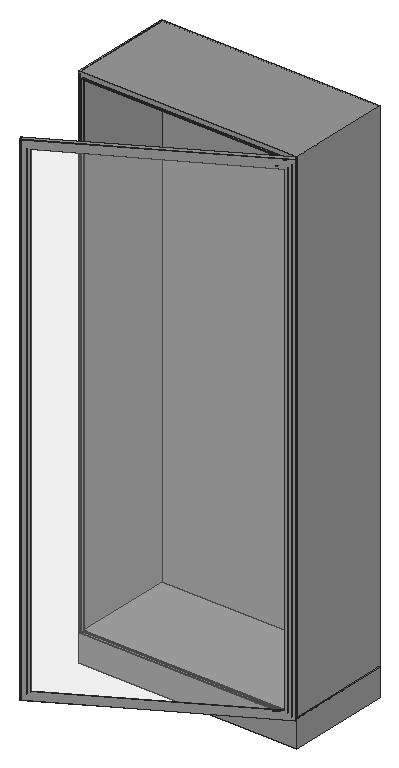
Revit family "Hager-Univers-IP55-D400-H1950-Cl.I-Steel_encl-NoHosted-CH-it", category Electrical Equipment, Revit 2020
Family settings
  Panel Configuration = Two Columns, Circuits Across
  Round Connector Dimension = Use Diameter
  Part Type = Panelboard
  Work Plane-Based = Yes
  Always vertical = Yes
  Cut with Voids When Loaded = No
  Shared = No
  Room Calculation Point = No
Parameters (values of type "montaggio a pavimento IP55 L800 A1950 P400  - FR23V1")
  Width Control [instance] = if([EF000008 - Larghezza] > Min Width, [EF000008 - Larghezza], Min Width)  # 800 mm
  Type Comments = [HG000003 - Gamma]  # "Univers"
  Thickness Door [instance] = if([EF009171 - spessore materiale porta/coperchio] > 3 mm, 3 mm, [EF009171 - spessore materiale porta/coperchio])  # 1.5 mm
  Seal Frame Offset [instance] = 17 mm  # constant formula
  Plinth Visibility [instance] = [HG000027 - Altezza dello zoccolo] > 0 mm  # yes
  Min Width [instance] = 100 mm  # constant formula
  Min Depth [instance] = (2 * [EF009170 - spessore materiale scatola]) + 1 mm  # 4 mm
  Min Height [instance] = 100 mm  # constant formula
  Internal Frame Depth [instance] = (Door System Depth * 0.5)  # 9 mm
  Panel Name [instance] = ""  # (empty or 0)
  Model = ""
  HG000027 - Altezza dello zoccolo = 100 mm
  HG000026 - A pavimento = yes
  HG000024 - Altezza della sezione inferiore = 600 mm
  HG000023 - Custodia a doppia sezione = no
  HG000016 - Visibilità delle porte nella vista 3D [instance] = yes
  HG000015 - Visibilità attraverso la porta [instance] = no
  HG000014 - Porta destra [instance] = yes
  HG000013 - Porta sinistra [instance] = not([HG000014 - Porta destra])  # no
  HG000012 - Angolo di apertura della porta [instance] = 30.00°
  HG000010 - Porte asimmetriche = no
  HG000009 - Porta doppia a battente = no
  HG000006 - Ad incasso = no
  HG000004 - Codice produttore = "FR23V1"
  HG000003 - Gamma = "Univers"
  HG000002 - Con porta = yes
  Frame Offset Bottom [instance] = 10 mm  # constant formula
  Frame Offset [instance] = 15 mm  # constant formula
  EF015940 - Coprire con rilascio di sovrapressione = no
  EF011959 - tipo di protezione (NEMA) = ""
  EF009554 - numero delle aperture per la piastra della flangia = 6
  EF009212 - esecuzione coperchio = "EV000116 - chiuso"
  EF009171 - spessore materiale porta/coperchio = 1.5 mm
  EF009170 - spessore materiale scatola = 1.5 mm
  EF008873 - corrente nominale (In) = 800 A
  EF007800 - adatto per parafulmine = no
  EF006306 - con serratura = no
  EF006244 - coperchio/porta trasparente = yes
  EF005474 - grado di protezione (IP) = "EV006420 - IP55"
  EF004464 - tipo di porta = "EV002646 - singolo"
  EF004427 - numero di moduli = 432
  EF004293 - resistenza agli urti = "EV008784 - IK10"
  EF003532 - adatto per uso esterno = no
  EF002950 - Numero moduli DIN = 24
  EF001613 - Integrità del circuito = "EV000494 - senza"
  EF001596 - Attacco Lampada = "EV000179 - acciaio"
  EF001131 - profondità interna = 400 mm
  EF001088 - possibilità di applicazione = yes
  EF000437 - numero di ingressi per conduttori = 6
  EF000339 - tipo di copertura = "EV004216 - porta"
  EF000266 - numero di file = 12
  EF000218 - profondità di incasso = 0 mm
  EF000118 - con piastra di montaggio = no
  EF000116 - numero RAL = "7035"
  EF000049 - profondità = 400 mm
  EF000040 - Altezza = 1950 mm
  EF000008 - Larghezza = 800 mm
  EF000007 - colore = "EV000270 - grigio"
  EF000003 - Tipo di montaggio = "EV012274 - montaggio a pavimento"
  Door System Leaf Tolerance [instance] = 1.5 mm  # constant formula
  Door System Depth [instance] = 18 mm  # constant formula
  Door Height [instance] = Height Control - [HG000027 - Altezza dello zoccolo]  # 1850 mm
  Description = ""
  Default Elevation = 1219.2 mm
  Connector Offset [instance] = Height Control / 2  # 975 mm
  Manufacturer = "Hager"  # constant formula
  Height Control [instance] = if([EF000040 - Altezza] > Min Height, [EF000040 - Altezza], Min Height)  # 1950 mm
  Depth Control [instance] = if([EF000049 - profondità] > Min Depth, [EF000049 - profondità], Min Depth)  # 400 mm
  Bottom Top Plate Trim [instance] = 1.5 mm  # constant formula
  Plinth height Ctrl [instance] = if([HG000027 - Altezza dello zoccolo] > 0 mm, [HG000027 - Altezza dello zoccolo], 12 mm)  # 100 mm
Types (11, lengths in mm): name | Width Control | HG000010 - Porte asimmetriche | HG000009 - Porta doppia a battente | HG000004 - Codice produttore | EF009554 - numero delle aperture per la piastra della flangia | EF006244 - coperchio/porta trasparente | EF004464 - tipo di porta | EF004427 - numero di moduli | EF000437 - numero di ingressi per conduttori | EF000008 - Larghezza
  montaggio a pavimento IP55 L1050 A1950 P400  - FR24G1 | 1050 | yes | yes | "FR24G1" | 8 | no | "EV003602 - doppio" | 576 | 8 | 1050
  montaggio a pavimento IP55 L1050 A1950 P400  - FR24V1 | 1050 | yes | yes | "FR24V1" | 8 | yes | "EV003602 - doppio" | 576 | 8 | 1050
  montaggio a pavimento IP55 L1300 A1950 P400  - FR25G1 | 1300 | yes | yes | "FR25G1" | 10 | no | "EV003602 - doppio" | 720 | 10 | 1300
  montaggio a pavimento IP55 L1300 A1950 P400  - FR25V1 | 1300 | yes | yes | "FR25V1" | 10 | yes | "EV003602 - doppio" | 720 | 10 | 1300
  montaggio a pavimento IP55 L1550 A1950 P400  - FR26G1 | 1550 | yes | yes | "FR26G1" | 12 | no | "EV003602 - doppio" | 864 | 12 | 1550
  montaggio a pavimento IP55 L1550 A1950 P400  - FR26V1 | 1550 | yes | yes | "FR26V1" | 12 | yes | "EV003602 - doppio" | 864 | 12 | 1550
  montaggio a pavimento IP55 L300 A1950 P400  - FR21G1 | 300 | no | no | "FR21G1" | 2 | no | "EV002646 - singolo" | 144 | 2 | 300
  montaggio a pavimento IP55 L550 A1950 P400  - FR22G1 | 550 | no | no | "FR22G1" | 4 | no | "EV002646 - singolo" | 288 | 4 | 550
  montaggio a pavimento IP55 L550 A1950 P400  - FR22V1 | 550 | no | no | "FR22V1" | 4 | yes | "EV002646 - singolo" | 288 | 4 | 550
  montaggio a pavimento IP55 L800 A1950 P400  - FR23G1 | 800 | no | no | "FR23G1" | 6 | no | "EV002646 - singolo" | 432 | 6 | 800
  montaggio a pavimento IP55 L800 A1950 P400  - FR23V1 | 800 | no | no | "FR23V1" | 6 | yes | "EV002646 - singolo" | 432 | 6 | 800
Reference planes
  plane 1 "Center (Front/Back)": y = 0
  plane 2: z = 0
  plane 3 "Center (Left/Right)": x = 0
  plane 4: y = 0
  plane 5: y = 0
  plane 6: z = 0
  plane 7: x = -400
  plane 8: x = 400
  plane 9: x = 398.5
  plane 10: x = -398.5
  plane 11: z = 100
  plane 12: z = 101.5
  plane 13: y = -400
  plane 14: y = -1.5
  plane 15: x = 0
  plane 16: y = -382
  plane 17: y = -398.5
  plane 18: y = -380.5
  plane 19: x = -383.5
  plane 20: x = 383.5
  plane 21: z = 111.5
  plane 22: x = -383
  plane 23: x = 383
  plane 24: z = 100
  plane 25: z = 1950
  plane 26: z = 1950
  plane 27: z = 1933.5
  plane 28: z = 1948.5
Forms (mm)
  Extrusion 1, solid, material "Hager_Steel_RAL7035_Light_Grey", detail levels medium+fine
    sketch origin (-208.679, -4572, 100) x (-1, 0, 0) y (0, -1, 0)
      loop
        line (191.321, -4190) -> (-608.679, -4190) -> (-608.679, -4572) -> (191.321, -4572) -> (191.321, -4190)
    from 0 to 1850
  Extrusion 2, void
    sketch origin (-350.771, -400, 1219.2) x (1, 0, 0) y (0, 0, 1)
      loop
        line (-47.729, 729.3) -> (-47.729, -1117.7) -> (749.271, -1117.7) -> (749.271, 729.3) -> (-47.729, 729.3)
    from -19.5 to -398.5
  Extrusion 3, void
    sketch origin (-290.084, -382, 1219.2) x (1, 0, 0) y (0, 0, 1)
      loop
        line (-93.416, -1107.7) -> (673.584, -1107.7) -> (673.584, 714.3) -> (-93.416, 714.3) -> (-93.416, -1107.7)
    from 0 to -1.5
  Extrusion 4, solid, material "Hager_Steel_RAL7035_Light_Grey", visible <- "Plinth Visibility", detail levels medium+fine
    sketch origin (0, 0, 0) x (1, 0, 0) y (0, 1, 0)
      loop
        line (-400, 0) -> (-400, -382) -> (400, -382) -> (400, 0) -> (-400, 0)
    from 0 to 100 <- "Plinth height Ctrl"
  Extrusion 5, solid, material "Hager_Steel_RAL7035_Light_Grey", detail levels coarse
    sketch origin (0, 0, 0) x (1, 0, 0) y (0, 1, 0)
      loop
        line (-400, 0) -> (-400, -400) -> (400, -400) -> (400, 0) -> (-400, 0)
    from 0 to 1950 <- "Height Control"
  Sweep 6, void
    path in 3D
      loop
        line (-400, -382, 100) -> (400, -382, 100) -> (400, 0, 100) -> (-400, 0, 100) -> (-400, -382, 100)
    profile origin (-400, -191, 100) x (1, 0, 0) y (0, 0, 1)
      loop
        line (0, 0) -> (0, -1.5) -> (1.5, -1.5)
        arc (1.5, -1.5) -> (1.061, -0.439) -> (0, 0) r 1.5
  Extrusion 7, solid, material "Hager_Steel_RAL7035_Light_Grey", detail levels fine
    sketch origin (-400, -382, 100) x (1, 0, 0) y (0, 0, 1)
      loop
        line (16.5, 11.5) -> (783.5, 11.5) -> (783.5, 1833.5) -> (16.5, 1833.5) -> (16.5, 11.5)
      loop
        line (15, 10) -> (785, 10) -> (785, 1835) -> (15, 1835) -> (15, 10)
    from 0 to 9 <- "Internal Frame Depth"
Cuts and joins
  Extrusion 2, Extrusion 3 cuts Extrusion 1
  Sweep 6 cuts Extrusion 4
Lines and regions (mm)
  Masking region 1
    outline origin (0, 0, 0) x (1, 0, 0) y (0, 1, 0)
      loop
        line (-400, 0) -> (-400, -400) -> (400, -400) -> (400, 0) -> (-400, 0)
  Masking region 2, detail levels coarse
    outline origin (-290.084, -382, 1219.2) x (-1, 0, 0) y (0, 0, 1)
      loop
        line (-690.084, -1219.2) -> (109.916, -1219.2) -> (109.916, 730.8) -> (-690.084, 730.8) -> (-690.084, -1219.2)
  Masking region 3, detail levels coarse
    outline origin (0, 0, 0) x (0, 1, 0) y (0, 0, 1)
      loop
        line (0, 0) -> (0, 1950) -> (-400, 1950) -> (-400, 0) -> (0, 0)
  Masking region 4, visible <- "Plinth Visibility", detail levels medium+fine
    outline origin (0, 0, 0) x (0, 1, 0) y (0, 0, 1)
      loop
        line (-1.5, 100) -> (-380.5, 100)
        arc (-380.5, 100) -> (-380.939, 98.939) -> (-382, 98.5) r 1.5
        line (-382, 98.5) -> (-382, 0) -> (0, 0) -> (0, 98.5)
        arc (0, 98.5) -> (-1.061, 98.939) -> (-1.5, 100) r 1.5
  Masking region 5, detail levels medium+fine
    outline origin (0, 0, 594.038) x (0, 1, 0) y (0, 0, 1)
      loop
        line (0, -494.038) -> (0, 1355.962) -> (-382, 1355.962) -> (-382, -494.038) -> (0, -494.038)
  Masking region 6, detail levels medium+fine
    outline origin (-359.7, -382, 1211.883) x (-1, 0, 0) y (0, 0, 1)
      loop
        line (-759.7, -1111.883) -> (40.3, -1111.883) -> (40.3, 738.117) -> (-759.7, 738.117) -> (-759.7, -1111.883)
  Masking region 7, visible <- "Plinth Visibility", detail levels medium+fine
    outline origin (-320.334, -382, 1041.368) x (-1, 0, 0) y (0, 0, 1)
      loop
        line (-720.334, -1041.368) -> (79.666, -1041.368) -> (79.666, -942.868)
        arc (79.666, -942.868) -> (78.606, -942.429) -> (78.166, -941.368) r 1.5
        line (78.166, -941.368) -> (-718.834, -941.368)
        arc (-718.834, -941.368) -> (-719.273, -942.429) -> (-720.334, -942.868) r 1.5
        line (-720.334, -942.868) -> (-720.334, -1041.368)
  sketch lines
    curve 1: line (-400, 0, 100) -> (-400, -382, 100)
    curve 2: line (-400, -382, 100) -> (400, -382, 100)
    curve 3: line (400, 0, 100) -> (-400, 0, 100)
    curve 4: line (400, -382, 100) -> (400, 0, 100)
Dimensions and locks
  locked: plane 1 "Center (Front/Back)" to plane 5
  "EF009170 - spessore materiale scatola": plane 7 to plane 10
  "EF009170 - spessore materiale scatola": plane 8 to plane 9
  equal spacing: plane 7, plane 3 "Center (Left/Right)", plane 8
  "Width Control": plane 7 to plane 8
  "Depth Control": plane 4 to plane 13
  "EF009170 - spessore materiale scatola": plane 4 to plane 14
  "Height Control": plane 25 to level
  "HG000027 - Altezza dello zoccolo": plane 11 to level
  "EF009170 - spessore materiale scatola": plane 12 to plane 11
  "EF009170 - spessore materiale scatola": plane 17 to plane 13
  "EF009170 - spessore materiale scatola": plane 18 to plane 16
  "Frame Offset Bottom": plane 21 to plane 12
  "Frame Offset": plane 10 to plane 19
  "Frame Offset": plane 9 to plane 20
  "Door System Depth": plane 16 to plane 13
  "Seal Frame Offset": plane 7 to plane 22
  "Seal Frame Offset": plane 8 to plane 23
  "EF009170 - spessore materiale scatola": plane 26 to plane 28
  "Frame Offset": plane 28 to plane 27
  "Connector Offset": plane 2 to connector elem
  "Bottom Top Plate Trim": profile plane to Sweep 6 sketch curve
  "Bottom Top Plate Trim": Sweep 6 sketch curve to Sweep 6 sketch curve
  "Plinth height Ctrl": Masking region 4 sketch curve to level
  "Plinth height Ctrl": Masking region 7 sketch curve to level
  "Thickness Door": Extrusion 7 sketch curve to Extrusion 7 sketch curve  (x4)
  "Bottom Top Plate Trim": radius of Sweep 6 sketch curve
  "Bottom Top Plate Trim": radius of Masking region 4 sketch curve  (x2)
  "Bottom Top Plate Trim": radius of Masking region 7 sketch curve  (x2)
  aligned and locked: Extrusion 2 sketch curve to plane 12
  aligned and locked: Extrusion 2 sketch curve to plane 9
  aligned and locked: Extrusion 2 sketch curve to plane 10
  aligned and locked: Extrusion 2 to plane 14
  aligned and locked: Extrusion 1 sketch curve to plane 4
  aligned and locked: plane 8 to Extrusion 1 sketch curve
  aligned and locked: plane 7 to Extrusion 1 sketch curve
  aligned and locked: Extrusion 2 to plane 18
  aligned and locked: Extrusion 3 sketch curve to plane 19
  aligned and locked: plane 20 to Extrusion 3 sketch curve
  aligned and locked: Extrusion 3 to Extrusion 2
  aligned and locked: Extrusion 3 sketch curve to plane 21
  aligned and locked: plane 3 "Center (Left/Right)" to nested 1
  aligned and locked: Extrusion 1 sketch curve to plane 16
  aligned and locked: Extrusion 4 sketch curve to cut or joined group of Extrusion 1, Extrusion 2, Extrusion 3
  aligned and locked: Masking region 1 sketch curve to plane 7
  aligned and locked: Masking region 1 sketch curve to plane 5
  aligned and locked: Masking region 1 sketch curve to plane 8
  aligned and locked: Masking region 2 sketch curve to level
  aligned and locked: level to Masking region 3 sketch curve
  aligned and locked: plane 1 "Center (Front/Back)" to Masking region 3 sketch curve
  aligned and locked: plane 13 to Masking region 3 sketch curve
  aligned and locked: plane 5 to Masking region 4 sketch curve
  aligned and locked: Masking region 2 sketch curve to plane 8
  aligned and locked: Masking region 2 sketch curve to plane 7
  aligned and locked: plane 7 to nested 2
  aligned and locked: nested 2 to plane 5
  aligned and locked: plane 5 to Masking region 5 sketch curve
  aligned and locked: plane 26 to Masking region 5 sketch curve
  aligned and locked: Extrusion 5 sketch curve to plane 8
  aligned and locked: Extrusion 5 sketch curve to plane 7
  aligned and locked: Extrusion 5 sketch curve to plane 5
  aligned and locked: Extrusion 3 sketch curve to plane 27
  aligned and locked: Extrusion 2 sketch curve to plane 28
  aligned and locked: Masking region 2 to plane 25
  aligned and locked: Extrusion 4 to plane 16
  aligned and locked: profile plane to Sweep 6 sketch curve
  aligned and locked: Masking region 5 sketch curve to plane 24
  aligned and locked: level to Masking region 4 sketch curve
  aligned and locked: Masking region 1 to plane 13
  aligned and locked: nested 1 to plane 16
  aligned and locked: Masking region 3 to plane 25
  aligned and locked: plane 16 to Masking region 4 sketch curve
  aligned and locked: Masking region 5 sketch curve to plane 16
  aligned and locked: plane 24 to plane 11
  aligned and locked: plane 26 to plane 25
  aligned and locked: plane 26 to cut or joined group of Extrusion 1, Extrusion 2, Extrusion 3
  aligned and locked: nested 1 to plane 24
  aligned and locked: Extrusion 1 to Extrusion 3
  aligned and locked: Masking region 6 sketch curve to plane 8
  aligned and locked: Masking region 6 sketch curve to plane 24
  aligned and locked: Masking region 6 sketch curve to plane 7
  aligned and locked: Masking region 6 sketch curve to plane 26
  aligned and locked: Masking region 7 sketch curve to plane 7
  aligned and locked: level to Masking region 7 sketch curve
  aligned and locked: Masking region 7 sketch curve to plane 8
  aligned and locked: Extrusion 7 sketch curve to cut or joined group of Extrusion 1, Extrusion 2, Extrusion 3  (x4)
Automatic sketch dimensions
  plane 19 to Extrusion 3 sketch curve = 0 mm
  Extrusion 3 sketch curve to plane 20 = 0 mm
  Extrusion 3 sketch curve to plane 21 = 0 mm
  Extrusion 4 sketch curve to plane 7 = 0 mm
  Extrusion 4 sketch curve to plane 8 = 0 mm
  Extrusion 4 sketch curve to plane 16 = 0 mm
  Masking region 1 sketch curve to plane 13 = 0 mm
  Masking region 2 sketch curve to plane 25 = 0 mm
  Masking region 3 sketch curve to plane 25 = 0 mm
  Extrusion 5 sketch curve to plane 13 = 0 mm
  profile plane to Sweep 6 sketch curve = 0 mm
Nested families
  nested 1: "EC000058_Univers_Door" at (0, -382, 100), Double <- "HG000009 - Porta doppia a battente", Transparent <- "EF006244 - coperchio/porta trasparente", Angle <- "HG000012 - Angolo di apertura della porta", Door_Right <- "HG000014 - Porta destra", Assymetrical <- "HG000010 - Porte asimmetriche", Door <- "HG000002 - Con porta", Width_Ctrl <- "Width Control", 3d_Door <- "HG000016 - Visibilità delle porte nella vista 3D", Clearance <- "HG000015 - Visibilità attraverso la porta", Door_Left <- "HG000013 - Porta sinistra", Width <- "Width Control", Door_Depth <- "Door System Depth", Leaf_Tolerance <- "Door System Leaf Tolerance", Height <- "Door Height", Lock_Visibility <- "EF006306 - con serratura", Thickness <- "Thickness Door", type "EC000058_Univers_Door", detail levels medium+fine
    with min_wh 4 mm, Width_Ctrl 800 mm, Width 800 mm, Transparent yes, Thickness 1.5 mm, Seal_Material Hager_Rubber, Lock_Visibility no, Lock_Material Hager_Plastic_RAL9005_Jet_Black, Leaf_Width 800 mm, Leaf_Tolerance_External_Sides 0 mm, Leaf_Tolerance 1.5 mm, Leaf_Offset 0 mm, Leaf_Height 1847 mm, Leaf_2_Width 800 mm, Leaf_2_Offset 400 mm, Leaf_1_Width 800 mm, Leaf_1_Offset 400 mm, Height_Ctrl 1850 mm, Height 1850 mm, Glass_Material Hager_Glass, Double_Clearance_Ctrl no, Double no, Door_Right_Ctrl yes, Door_Right yes, Door_Material Hager_Steel_RAL7035_Light_Grey, Door_Left_Ctrl no, Door_Left no, Door_Depth 18 mm, Door yes, Clearance_Material Hager_Clearance, Clearance_Depth 800 mm, Clearance_Ctrl no, Clearance no, Assymetrical no, Angle 30.00°, 3d_Door yes
  nested 2: "Hager_Enclosure_Symbol" at (-400, 0, 0), Height <- "Depth Control", Width <- "Width Control", type "Hager_Enclosure_Symbol"
    with Width_Ctrl 800 mm, Width 800 mm, Height_Ctrl 400 mm, Height 400 mm, A_Width_Int 26.25 mm, A_Width 315 mm, A_Height_Ctrl 350 mm, A_Height 350 mm
Connectors
  electrical at (0, 0, 975)
    settings: on plane 1 "Center (Front/Back)", index 1, voltage 0 V, apparent load 0 VA, apparent load phase1 0 VA, apparent load phase2 0 VA, apparent load phase3 0 VA, power factor 1, load classification "Other", number of poles 1, system type 30, power factor state 1, is connector primary yes, connector utility no, sub classification motor no, connector description ""
Definition of nested family "EC000058_Univers_Door"
  Parameters (values of type "EC000058_Univers_Door")
    min_wh [instance] = (2 * Thickness) + 1 mm  # 11 mm
    Width_Ctrl [instance] = 400 mm
    Width [instance] = 500 mm
    Transparent [instance] = yes
    Thickness [instance] = 5 mm
    Seal_Material [instance] = none
    Lock_Visibility [instance] = yes
    Lock_Material [instance] = none
    Leaf_Width [instance] = if((Width_Ctrl - 2 * Leaf_Tolerance_External_Sides) > 0 mm, (Width_Ctrl - 2 * Leaf_Tolerance_External_Sides), min_wh)  # 400 mm
    Leaf_Tolerance_External_Sides [instance] = 0 mm  # constant formula
    Leaf_Tolerance [instance] = 1.5 mm
    Leaf_Offset [instance] = 0 mm  # constant formula
    Leaf_Height [instance] = if((Height_Ctrl - 2 * Leaf_Tolerance) > 0 mm, (Height_Ctrl - 2 * Leaf_Tolerance), min_wh)  # 497 mm
    Leaf_2_Width [instance] = if(and(and(Double, Assymetrical), Door_Left), (Leaf_Width / 3) - (Leaf_Tolerance / 2), if(and(and(Double, Assymetrical), Door_Right), (Leaf_Width / 3) * 2 - (Leaf_Tolerance / 2), if(and(Double, not(Assymetrical)), (Leaf_Width / 2) - Leaf_Tolerance, Leaf_Width)))  # 400 mm
    Leaf_2_Offset [instance] = if(and(Double, Assymetrical), Leaf_2_Width / 2, if(and(Double, not(Assymetrical)), Leaf_Width / 4, Leaf_Width / 2))  # 200 mm
    Leaf_1_Width [instance] = if(and(and(Double, Assymetrical), Door_Right), (Leaf_Width / 3) - (Leaf_Tolerance / 2), if(and(and(Double, Assymetrical), Door_Left), (Width / 3) * 2 - (Leaf_Tolerance / 2), if(and(Double, not(Assymetrical)), (Leaf_Width / 2) - Leaf_Tolerance, Leaf_Width)))  # 400 mm
    Leaf_1_Offset [instance] = if(and(Double, Assymetrical), Leaf_1_Width / 2, if(and(Double, not(Assymetrical)), Leaf_Width / 4, Leaf_Width / 2))  # 200 mm
    Height_Ctrl [instance] = if(Height > min_wh, Height, min_wh)  # 500 mm
    Height [instance] = 500 mm
    Glass_Material [instance] = none
    Double_Clearance_Ctrl [instance] = and(Double, Clearance)  # no
    Double [instance] = no
    Door_Right_Ctrl [instance] = and(or(Door_Right, Double), Door)  # yes
    Door_Right [instance] = yes
    Door_Material [instance] = none
    Door_Left_Ctrl [instance] = and(or(Door_Left, Double), Door)  # no
    Door_Left [instance] = no
    Door_Depth [instance] = 30 mm
    Door [instance] = yes
    Default Elevation = 1219.2 mm
    Clearance_Material [instance] = none
    Clearance_Depth [instance] = if(Leaf_1_Width > Leaf_2_Width, Leaf_1_Width, Leaf_2_Width)  # 400 mm
    Clearance_Ctrl [instance] = and(not(Double), Clearance)  # yes
    Clearance [instance] = yes
    Assymetrical [instance] = yes
    Angle [instance] = 30.00°
    3d_Door [instance] = yes
  Reference planes
    plane 1 "Center (Front/Back)": y = 0
    plane 2 "Bottom": z = 0
    plane 3 "Center (Left/Right)": x = 0
    plane 4: z = 500
    plane 5: x = -200
    plane 6: x = 200
    plane 7: z = 500
    plane 8: x = -200
    plane 9: z = 0
    plane 10: x = 200
    plane 11: y = 0
    plane 12: z = 1.5
    plane 13: x = -600
    plane 14: y = -400
    plane 15: x = 600
    plane 16: x = 0
    plane 17: x = 0
    plane 18: x = -200
    plane 19: x = 200
    plane 20: z = 498.5
  Forms (mm)
    Extrusion 1, solid, material <- "Clearance_Material", visible <- "Double_Clearance_Ctrl"
      sketch origin (1200, 0, 0) x (1, 0, 0) y (0, 0, -1)
        loop
          line (-1800, -498.5) -> (-600, -498.5) -> (-600, 0) -> (-1800, 0) -> (-1800, -498.5)
      from 0 to -400
  Dimensions and locks
    equal spacing: plane 5, plane 3 "Center (Left/Right)", plane 6
    "Width_Ctrl": plane 5 to plane 6
    "Leaf_Offset": plane 5 to plane 8
    "Leaf_Offset": plane 6 to plane 10
    "Leaf_Offset": plane 9 to level
    "Leaf_Offset": plane 4 to plane 7
    "Height_Ctrl": plane 4 to level
    "Leaf_Tolerance": plane 12 to plane 9
    locked: plane 11 to plane 1 "Center (Front/Back)"
    "Leaf_1_Offset": plane 18 to plane 16
    "Leaf_2_Offset": plane 17 to plane 19
    "Leaf_1_Width": plane 13 to plane 8
    "Leaf_2_Width": plane 10 to plane 15
    "Clearance_Depth": plane 14 to plane 1 "Center (Front/Back)"
    "Leaf_Tolerance_External_Sides": plane 8 to plane 18
    "Leaf_Tolerance_External_Sides": plane 19 to plane 10
    "Leaf_Tolerance": plane 7 to plane 20
    aligned and locked: level to plane 2 "Bottom"
    aligned and locked: nested 1 to plane 16
    aligned and locked: nested 2 to plane 17
    aligned and locked: Extrusion 1 to plane 13
    aligned and locked: plane 15 to Extrusion 1
    aligned and locked: Extrusion 1 to plane 14
    aligned and locked: plane 12 to nested 1
    aligned and locked: nested 2 to plane 12
    aligned and locked: Extrusion 1 to plane 11
    aligned and locked: plane 20 to Extrusion 1
    aligned and locked: nested 2 to plane 11
    aligned and locked: nested 1 to plane 11
  Automatic sketch dimensions
    Extrusion 1 sketch curve to level = 0 mm
    plane 5 to Extrusion 1 sketch curve = 400 mm
    plane 6 to Extrusion 1 sketch curve = 400 mm
    Extrusion 1 sketch curve to plane 4 = 1.5 mm
  Nested families
    nested 1: "EC000058_Univers_Door_Leaf" at (0, 0, 1.5), Width <- "Leaf_1_Width", visible <- "Door_Left_Ctrl", Leaf_Height <- "Leaf_Height", Angle <- "Angle", 3d_Door <- "3d_Door", Transparent <- "Transparent", Clearance Material <- "Clearance_Material", Clearance <- "Clearance_Ctrl", Door_Material <- "Door_Material", Glass_Material <- "Glass_Material", Door_Depth <- "Door_Depth", Lock_Material <- "Lock_Material", Seal_Material <- "Seal_Material", Lock_Visibility <- "Lock_Visibility", Thickness <- "Thickness", type "EC000058_Univers_Door_Leaf"
      with Width 400 mm, Transparent_Glass_Offset 30 mm, Transparent_Ctrl yes, Transparent yes, Thickness 5 mm, Standard no, Seal_Material none, Seal_D2 8 mm, Seal_D1 1 mm, Offset_Internal_Frame 10 mm, Lock_Width 20 mm, Lock_Visibility_3d yes, Lock_Visibility yes, Lock_Thickness_3 3 mm, Lock_Thickness_2 1 mm, Lock_Thickness_1 3 mm, Lock_Radius_Offset_2 16 mm, Lock_Radius_Offset_1 15 mm, Lock_Radius_2 5 mm, Lock_Radius 6 mm, Lock_Offset 5 mm, Lock_Material none, Lock_Height 80 mm, Lock_Cover_Top_Offset_2d 17 mm, Lock_Cover_Height -65 mm, Leaf_Height 497 mm, Internal_Seal_Thickness 8 mm, Internal_Seal_Depth_2 4.5 mm, Internal_Frame_Depth 25 mm, Glass_Thickness -1 mm, Glass_Offset -2 mm, Glass_Material none, Door_Material none, Door_Depth 30 mm, Clearance Material none, Clearance yes, Angle_Ctrl 30.00°, Angle 30.00°, 3d_Door yes
    nested 2: "EC000058_Univers_Door_Leaf" at (0, 0, 1.5) x (-1, 0, 0) z (0, 0, 1), Width <- "Leaf_2_Width", visible <- "Door_Right_Ctrl", Leaf_Height <- "Leaf_Height", Angle <- "Angle", 3d_Door <- "3d_Door", Transparent <- "Transparent", Clearance Material <- "Clearance_Material", Clearance <- "Clearance_Ctrl", Door_Material <- "Door_Material", Glass_Material <- "Glass_Material", Door_Depth <- "Door_Depth", Lock_Material <- "Lock_Material", Seal_Material <- "Seal_Material", Lock_Visibility <- "Lock_Visibility", Thickness <- "Thickness", type "EC000058_Univers_Door_Leaf"
      with Width 400 mm, Transparent_Glass_Offset 30 mm, Transparent_Ctrl yes, Transparent yes, Thickness 5 mm, Standard no, Seal_Material none, Seal_D2 8 mm, Seal_D1 1 mm, Offset_Internal_Frame 10 mm, Lock_Width 20 mm, Lock_Visibility_3d yes, Lock_Visibility yes, Lock_Thickness_3 3 mm, Lock_Thickness_2 1 mm, Lock_Thickness_1 3 mm, Lock_Radius_Offset_2 16 mm, Lock_Radius_Offset_1 15 mm, Lock_Radius_2 5 mm, Lock_Radius 6 mm, Lock_Offset 5 mm, Lock_Material none, Lock_Height 80 mm, Lock_Cover_Top_Offset_2d 17 mm, Lock_Cover_Height -65 mm, Leaf_Height 497 mm, Internal_Seal_Thickness 8 mm, Internal_Seal_Depth_2 4.5 mm, Internal_Frame_Depth 25 mm, Glass_Thickness -1 mm, Glass_Offset -2 mm, Glass_Material none, Door_Material none, Door_Depth 30 mm, Clearance Material none, Clearance yes, Angle_Ctrl 30.00°, Angle 30.00°, 3d_Door yes
  Definition of nested family "EC000058_Univers_Door_Leaf"
    Parameters (values of type "EC000058_Univers_Door_Leaf")
      Width [instance] = 2000 mm
      Transparent_Glass_Offset [instance] = 30 mm
      Transparent_Ctrl [instance] = and(Transparent, [3d_Door])  # yes
      Transparent [instance] = yes
      Thickness [instance] = 5 mm
      Standard [instance] = and(not(Transparent), [3d_Door])  # no
      Seal_Material [instance] = none
      Seal_D2 [instance] = 8 mm  # constant formula
      Seal_D1 [instance] = 1 mm  # constant formula
      Offset_Internal_Frame [instance] = 10 mm  # constant formula
      Lock_Width [instance] = 20 mm  # constant formula
      Lock_Visibility_3d [instance] = and(Lock_Visibility, [3d_Door])  # yes
      Lock_Visibility [instance] = yes
      Lock_Thickness_3 [instance] = 3 mm  # constant formula
      Lock_Thickness_2 [instance] = 1 mm  # constant formula
      Lock_Thickness_1 [instance] = 3 mm  # constant formula
      Lock_Radius_Offset_2 [instance] = Lock_Radius_Offset_1 + 1 mm  # 16 mm
      Lock_Radius_Offset_1 [instance] = 15 mm  # constant formula
      Lock_Radius_2 [instance] = Lock_Radius - 1 mm  # 5 mm
      Lock_Radius [instance] = 6 mm  # constant formula
      Lock_Offset [instance] = 5 mm  # constant formula
      Lock_Material [instance] = none
      Lock_Height [instance] = 80 mm  # constant formula
      Lock_Cover_Top_Offset_2d [instance] = Lock_Radius_Offset_2 + 1 mm  # 17 mm
      Lock_Cover_Height [instance] = -(Lock_Height - Lock_Radius_Offset_1)  # -65 mm
      Leaf_Height [instance] = 2720.336 mm
      Internal_Seal_Thickness [instance] = 8 mm  # constant formula
      Internal_Seal_Depth_2 [instance] = 4.5 mm  # constant formula
      Internal_Frame_Depth [instance] = if(Door_Depth - Thickness > 5 mm, Door_Depth - Thickness, 5 mm)  # 25 mm
      Glass_Thickness [instance] = if(Thickness > 15 mm, Glass_Offset + 10 mm, -1 mm)  # -1 mm
      Glass_Offset [instance] = if(Thickness > 15 mm, -(Thickness + 10 mm) / 2, -2 mm)  # -2 mm
      Glass_Material [instance] = none
      Door_Material [instance] = none
      Door_Depth [instance] = 30 mm
      Default Elevation = 0 mm
      Clearance Material [instance] = none
      Clearance [instance] = yes
      Angle_Ctrl [instance] = if(Angle > 180.00°, 180.00°, Angle)  # 90.00°
      Angle [instance] = 90.00°
      3d_Door [instance] = yes
    Reference planes
      plane 1 "Center (Front/Back)": y = 0
      plane 2: z = 0
      plane 3 "Center (Left/Right)": x = 0
      plane 4: y = 2000
      plane 5: x = -1000
      plane 6: x = 1000
      plane 7: x = -3000
      plane 8: z = 2720.336
      plane 9: z = 30
      plane 10: z = 2690.336
      plane 11: x = 970
      plane 12: x = -970
      plane 13: y = -3
      plane 14: z = 107.833
      plane 15: y = -5
      plane 16: y = -223.314
      plane 17: x = -1000
      plane 18: z = 1360.168
      plane 19: y = 30
    Forms (mm)
      Extrusion 1, solid, material <- "Clearance Material", visible <- "Clearance"
        sketch origin (0, 0, 0) x (1, 0, 0) y (0, 0, 1)
          loop
            line (-3000, 2720.336) -> (-3000, 0) -> (1000, 0) -> (1000, 2720.336) -> (-3000, 2720.336)
        from 0 to -2000
      Extrusion 2, solid, material <- "Door_Material", visible <- "Standard", detail levels medium+fine
        sketch origin (-1000, 0, 0) x (0, 1, 0) y (-1, 0, 0)
          loop
            line (0, 30) -> (0, 25) -> (2000, 25) -> (2000, 30) -> (0, 30)
        from 0 to 2720.336 <- "Leaf_Height"
      Extrusion 3, solid, material <- "Door_Material", visible <- "Transparent_Ctrl", detail levels medium+fine
        sketch origin (-1000, 0, 0) x (0, 1, 0) y (-1, 0, 0)
          loop
            line (0, 25) -> (2000, 25) -> (2000, 30) -> (0, 30) -> (0, 25)
        from 0 to 2720.336 <- "Leaf_Height"
      Extrusion 4, void
        sketch origin (-1025, 2000, 0) x (0, 1, 0) y (0, 0, -1)
          loop
            line (-30, -2690.336) -> (-30, -30) -> (-1970, -30) -> (-1970, -2690.336) -> (-30, -2690.336)
        from 0 to 5 <- "Thickness"
      Sweep 5, solid, material <- "Seal_Material", visible <- "Transparent_Ctrl", detail levels fine
        path in 3D
          loop
            line (-1025, 30, 30) -> (-1025, 30, 2690.336) -> (-1025, 1970, 2690.336) -> (-1025, 1970, 30) -> (-1025, 30, 30)
        profile origin (-1025, 1000, 30) x (1, 0, 0) y (0, 0, 1)
          loop
            line (0, 0) -> (0, -8) -> (1, -8) -> (1, 0) -> (0, 0)
      Extrusion 6, solid, material <- "Glass_Material", visible <- "Transparent_Ctrl", detail levels medium+fine
        sketch origin (-1030, 0, 0) x (0, 1, 0) y (0, 0, -1)
          loop
            line (1970, -2690.336) -> (1970, -30) -> (30, -30) -> (30, -2690.336) -> (1970, -2690.336)
        from -2 <- "Glass_Offset" to -1 <- "Glass_Thickness"
      Extrusion 7, solid, material <- "Door_Material", visible <- "3d_Door", detail levels medium+fine
        sketch origin (-1025, 2000, 0) x (0, -1, 0) y (0, 0, -1)
          loop
            line (0, -2720.336) -> (2000, -2720.336) -> (2000, 0) -> (0, 0) -> (0, -2720.336)
          loop
            line (1995, -5) -> (5, -5) -> (5, -2715.336) -> (1995, -2715.336) -> (1995, -5)
        from 0 to 25 <- "Internal_Frame_Depth"
      Sweep 8, solid, material <- "Seal_Material", visible <- "Transparent_Ctrl", detail levels fine
        path in 3D
          loop
            line (-1025, 0, 0) -> (-1025, 2000, 0) -> (-1025, 2000, 2720.336) -> (-1025, 0, 2720.336) -> (-1025, 0, 0)
        profile origin (-1025, 0, 1360.168) x (1, 0, 0) y (0, 1, 0)
          loop
            line (0, 10) -> (2.975, 10)
            arc (2.975, 10) -> (4.053, 10.447) -> (4.5, 11.525) r 1.525
            line (4.5, 11.525) -> (4.5, 16.527)
            arc (4.5, 16.527) -> (4.069, 17.569) -> (3.027, 18) r 1.473
            line (3.027, 18) -> (0, 18) -> (0, 10)
      Extrusion 9, solid, material <- "Lock_Material", visible <- "Lock_Visibility_3d", detail levels fine
        sketch origin (-1030, 0, 0) x (0, 1, 0) y (0, 0, -1)
          loop
            arc (1993.5, -1400.168) -> (1994.561, -1399.729) -> (1995, -1398.668) r 1.5
            line (1995, -1398.668) -> (1995, -1320.168) -> (1975, -1320.168) -> (1975, -1398.668)
            arc (1975, -1398.668) -> (1975.439, -1399.729) -> (1976.5, -1400.168) r 1.5
            line (1976.5, -1400.168) -> (1993.5, -1400.168)
        from 3 <- "Lock_Thickness_1" to 0
      Blend 10, solid, material <- "Lock_Material", visible <- "Lock_Visibility_3d", detail levels fine
        base sketch origin (-1033, 0, 0) x (0, 1, 0) y (0, 0, -1)
          loop
            line (1975, -1320.168) -> (1975, -1398.668)
            arc (1975, -1398.668) -> (1975.439, -1399.729) -> (1976.5, -1400.168) r 1.5
            line (1976.5, -1400.168) -> (1993.5, -1400.168)
            arc (1993.5, -1400.168) -> (1994.561, -1399.729) -> (1995, -1398.668) r 1.5
            line (1995, -1398.668) -> (1995, -1320.168) -> (1975, -1320.168)
        top sketch origin (-1033, 0, 0) x (0, 1, 0) y (0, 0, -1)
          loop
            line (1976, -1320.168) -> (1976, -1398.668)
            arc (1976, -1398.668) -> (1976.146, -1399.022) -> (1976.5, -1399.168) r 0.5
            line (1976.5, -1399.168) -> (1993.5, -1399.168)
            arc (1993.5, -1399.168) -> (1993.854, -1399.022) -> (1994, -1398.668) r 0.5
            line (1994, -1398.668) -> (1994, -1320.168) -> (1976, -1320.168)
        from 0 to 1 <- "Lock_Thickness_2"
      Blend 11, solid, material <- "Lock_Material", visible <- "Lock_Visibility_3d", detail levels fine
        base sketch origin (-1034, 0, 0) x (0, 1, 0) y (0, 0, -1)
          loop
            line (1978, -1320.168) -> (1978, -1384.168)
            arc (1978, -1384.168) -> (1985, -1391.168) -> (1992, -1384.168) r 7
            line (1992, -1384.168) -> (1992, -1320.168) -> (1978, -1320.168)
        top sketch origin (-1034, 0, 0) x (0, 1, 0) y (0, 0, -1)
          loop
            line (1991, -1320.168) -> (1979, -1320.168) -> (1979, -1383.168)
            arc (1979, -1383.168) -> (1985, -1389.168) -> (1991, -1383.168) r 6
            line (1991, -1383.168) -> (1991, -1320.168)
        from 0 to 3 <- "Lock_Thickness_3"
      Extrusion 12, solid, material <- "Lock_Material", visible <- "Lock_Visibility_3d", detail levels fine
        sketch origin (-1030, 1975, 1320.168) x (1, 0, 0) y (0, -1, 0)
          loop
            line (-7, -19) -> (-7, -1) -> (0, -1) -> (0, 0) -> (-8, 0) -> (-8, -20) -> (0, -20) -> (0, -19) -> (-7, -19)
        from 0 to -65 <- "Lock_Cover_Height"
      Extrusion 13, void
        sketch origin (-1038, 1995, 1320.168) x (-1, 0, 0) y (0, 0, -1)
          loop
            line (-5, -65) -> (0, -65) -> (-5, -60) -> (-5, -65)
        from 0 to 20 <- "Lock_Width"
      Extrusion 14, void
        sketch origin (-1038, 1975, 1320.168) x (0, -1, 0) y (0, 0, -1)
          loop
            circle (-10, -15.995) r 6
          loop
            circle (-10, -15.995) r 5
        from 0 to 2
      Extrusion 15, solid, material <- "Lock_Material", visible <- "Lock_Visibility_3d", detail levels medium
        sketch origin (-1030, 0, 0) x (0, 1, 0) y (0, 0, -1)
          loop
            arc (1993.5, -1400.168) -> (1994.561, -1399.729) -> (1995, -1398.668) r 1.5
            line (1995, -1398.668) -> (1995, -1320.168) -> (1975, -1320.168) -> (1975, -1398.668)
            arc (1975, -1398.668) -> (1975.439, -1399.729) -> (1976.5, -1400.168) r 1.5
            line (1976.5, -1400.168) -> (1993.5, -1400.168)
        from 8 to 0
    Cuts and joins
      Extrusion 4 cuts Extrusion 3
      Extrusion 13, Extrusion 14 cuts Extrusion 9
      Extrusion 14 cuts Blend 11
      Extrusion 13, Extrusion 14 cuts Extrusion 12
      joined: Extrusion 9, Blend 10, Blend 11, Extrusion 12
      Extrusion 14 cuts Extrusion 15
    Lines and regions (mm)
      Masking region 1, visible <- "Lock_Visibility", detail levels fine
        outline origin (0, 0, 0) x (0, 1, 0) y (0, 0, 1)
          loop
            line (30, 1320.168) -> (33, 1320.168) -> (33, 1400.168) -> (30, 1400.168) -> (30, 1320.168)
      Masking region 2, visible <- "Lock_Visibility", detail levels fine
        outline origin (0, 3.143, 0) x (0, 1, 0) y (0, 0, 1)
          loop
            line (29.857, 1354.168) -> (30.857, 1354.168) -> (30.857, 1366.168) -> (29.857, 1366.168) -> (29.857, 1354.168)
      Masking region 3, detail levels medium+fine
        outline origin (0, 0, 0) x (0, 1, 0) y (0, 0, 1)
          loop
            line (0, 0) -> (30, 0) -> (30, 2720.336) -> (0, 2720.336) -> (0, 0)
      Masking region 4, detail levels medium+fine
        outline origin (0, 0, 0) x (1, 0, 0) y (0, 0, 1)
          loop
            line (-1000, 2720.336) -> (-1000, 0) -> (1000, 0) -> (1000, 2720.336) -> (-1000, 2720.336)
      Masking region 5, visible <- "Lock_Visibility", detail levels fine
        outline origin (-47.116, 0, 0) x (1, 0, 0) y (0, 0, 1)
          loop
            arc (1024.616, 1399.168) -> (1023.556, 1398.729) -> (1023.116, 1397.668) r 1.5
            line (1023.116, 1397.668) -> (1023.116, 1320.168) -> (1041.116, 1320.168) -> (1041.116, 1397.668)
            arc (1041.116, 1397.668) -> (1040.677, 1398.729) -> (1039.616, 1399.168) r 1.5
            line (1039.616, 1399.168) -> (1024.616, 1399.168)
      Masking region 6, visible <- "Lock_Visibility", detail levels medium+fine
        outline origin (-25, 0, 0) x (1, 0, 0) y (0, 0, 1)
          loop
            arc (1001.5, 1400.168) -> (1000.439, 1399.729) -> (1000, 1398.668) r 1.5
            line (1000, 1398.668) -> (1000, 1320.168) -> (1020, 1320.168) -> (1020, 1398.668)
            arc (1020, 1398.668) -> (1019.561, 1399.729) -> (1018.5, 1400.168) r 1.5
            line (1018.5, 1400.168) -> (1001.5, 1400.168)
      Masking region 7, visible <- "Lock_Visibility", detail levels fine
        outline origin (-73.735, 0, 0) x (1, 0, 0) y (0, 0, 1)
          loop
            line (1051.735, 1382.168) -> (1065.735, 1382.168) -> (1065.735, 1384.168)
            arc (1065.735, 1384.168) -> (1058.735, 1391.168) -> (1051.735, 1384.168) r 7
            line (1051.735, 1384.168) -> (1051.735, 1382.168)
      Masking region 8, visible <- "Lock_Visibility", detail levels fine
        outline origin (-73.735, 0, 0) x (1, 0, 0) y (0, 0, 1)
          loop
            line (1052.735, 1382.168) -> (1064.735, 1382.168) -> (1064.735, 1383.168)
            arc (1064.735, 1383.168) -> (1058.735, 1389.168) -> (1052.735, 1383.168) r 6
            line (1052.735, 1383.168) -> (1052.735, 1382.168)
      Masking region 9, visible <- "Lock_Visibility", detail levels fine
        outline origin (-25, 0, 0) x (1, 0, 0) y (0, 0, 1)
          loop
            line (1020, 1320.168) -> (1020, 1382.168) -> (1000, 1382.168) -> (1000, 1320.168) -> (1020, 1320.168)
      Masking region 10, detail levels medium+fine
        outline origin (0, 0, 0) x (1, 0, 0) y (0, 0, 1)
          loop
            circle (985, 1335.144) r 6
      Masking region 11, detail levels fine
        outline origin (0, 0, 0) x (1, 0, 0) y (0, 0, 1)
          loop
            circle (985, 1335.144) r 5
      Masking region 12, visible <- "Lock_Visibility", detail levels fine
        outline origin (0, 12.767, 0) x (0, 1, 0) y (0, 0, 1)
          loop
            line (20.233, 1320.168) -> (21.233, 1320.168) -> (21.233, 1399.168) -> (20.233, 1400.168) -> (20.233, 1320.168)
      Masking region 13, visible <- "Lock_Visibility", detail levels fine
        outline origin (0, 13.767, -10) x (0, 1, 0) y (0, 0, 1)
          loop
            line (20.233, 1330.168) -> (23.233, 1330.168) -> (23.233, 1399.168) -> (20.233, 1402.168) -> (20.233, 1330.168)
      Masking region 14, visible <- "Lock_Visibility", detail levels fine
        outline origin (0, 12.767, -10) x (0, 1, 0) y (0, 0, 1)
          loop
            line (20.233, 1330.168) -> (25.233, 1330.168) -> (25.233, 1399.305) -> (20.233, 1394.305) -> (20.233, 1330.168)
      Masking region 15, visible <- "Lock_Visibility", detail levels medium
        outline origin (0, 0, 0) x (0, 1, 0) y (0, 0, 1)
          loop
            line (30, 1320.168) -> (38, 1320.168) -> (38, 1400.168) -> (30, 1400.168) -> (30, 1320.168)
      Masking region 16, visible <- "Lock_Visibility", detail levels fine
        outline origin (-1000, 0, 0) x (0, 1, 0) y (-1, 0, 0)
          loop
            line (1975, 30) -> (1995, 30) -> (1995, 38) -> (1975, 38) -> (1975, 30)
          loop
            line (1979, 37) -> (1976, 37) -> (1976, 34) -> (1978, 34) -> (1979, 37)
          loop
            line (1994, 37) -> (1991, 37) -> (1992, 34) -> (1994, 34) -> (1994, 37)
      Masking region 17, visible <- "Lock_Visibility", detail levels medium
        outline origin (-1000, 0, 0) x (0, 1, 0) y (-1, 0, 0)
          loop
            line (1975, 30) -> (1995, 30) -> (1995, 38) -> (1975, 38) -> (1975, 30)
      symbolic lines
        curve 1: line (1000, 0, 0) -> (-3000, 0, 0)
        curve 2: arc (1000, 0, 0) -> (-1000, 2000, 0) -> (-3000, 0, 0) r 2000
        curve 4: line (-1030, 0, 0) -> (-1030, 2000, 0)
      reference lines
        curve 3: line (-1000, 0, 0) -> (-1000, 2000, 0)
      symbolic lines, detail levels medium+fine
        curve 5: line (-1030, 2000, 0) -> (-1025, 2000, 0)
        curve 7: line (-1025, 0, 0) -> (-1030, 0, 0)
        curve 8: line (-1025, 0, 0) -> (-1000, 0, 0)
        curve 9: line (-1000, 0, 0) -> (-1000, 2000, 0)
        curve 10: line (-1000, 2000, 0) -> (-1025, 2000, 0)
      symbolic lines, detail levels fine
        curve 6: line (-1025, 2000, 0) -> (-1025, 0, 0)
      sketch lines
        curve 11: line (-1025, 0, 2720.336) -> (-1025, 0, 0)
        curve 12: line (-1025, 2000, 0) -> (-1025, 0, 0)
        curve 13: line (-1025, 2000, 2720.336) -> (-1025, 2000, 0)
        curve 14: line (-1025, 0, 2720.336) -> (-1025, 2000, 2720.336)
        curve 15: line (-1025, 1970, 30) -> (-1025, 30, 30)
        curve 16: line (-1025, 30, 30) -> (-1025, 30, 2690.336)
        curve 17: line (-1025, 1970, 2690.336) -> (-1025, 1970, 30)
        curve 18: line (-1025, 30, 2690.336) -> (-1025, 1970, 2690.336)
      symbolic lines, visible <- "Transparent", detail levels medium+fine
        curve 19: line (-970, 0, 2690.336) -> (970, 0, 2690.336)
        curve 20: line (-970, 0, 30) -> (-970, 0, 2690.336)
        curve 21: line (970, 0, 30) -> (-970, 0, 30)
        curve 22: line (970, 0, 2690.336) -> (970, 0, 30)
    Dimensions and locks
      "Width": plane 1 "Center (Front/Back)" to plane 4
      equal spacing: plane 5, plane 3 "Center (Left/Right)", plane 6
      "Width": plane 5 to plane 6
      "Width": plane 7 to plane 5
      "Leaf_Height": plane 8 to level
      "Width": curve 5 to curve 3
      "Width": curve 3 to curve 3
      plane 8 to plane 10 = 30 mm
      plane 9 to level = 30 mm
      plane 12 to plane 5 = 30 mm
      plane 6 to plane 11 = 30 mm
      Extrusion 1 to Extrusion 4 sketch curve = 30 mm
      "Transparent_Glass_Offset": curve 3 to Extrusion 4 sketch curve
      "Transparent_Glass_Offset": Extrusion 4 sketch curve to cut or joined group of Extrusion 3, Extrusion 4  (x2)
      cut or joined group of Extrusion 3, Extrusion 4 to Extrusion 6 sketch curve = 30 mm
      "Transparent_Glass_Offset": cut or joined group of Extrusion 3, Extrusion 4 to Extrusion 4 sketch curve
      "Thickness": curve 6 to curve 4
      "Thickness": Extrusion 7 sketch curve to Extrusion 7 sketch curve  (x4)
      "Door_Depth": curve 4 to curve 3
      "Offset_Internal_Frame": profile plane to Sweep 8 sketch curve
      "Internal_Seal_Thickness": Sweep 8 sketch curve to Sweep 8 sketch curve
      "Internal_Seal_Depth_2": profile plane to Sweep 8 sketch curve
      "Seal_D1": profile plane to Sweep 5 sketch curve
      "Seal_D2": profile plane to Sweep 5 sketch curve
      "Thickness": Extrusion 2 sketch curve to Extrusion 2 sketch curve
      equal spacing: Extrusion 9 sketch curve, plane 18, Extrusion 9 sketch curve  (x2)
      equal spacing: Masking region 1 sketch curve, plane 18, Masking region 1 sketch curve
      "Lock_Height": Masking region 1 sketch curve to Masking region 1 sketch curve
      "Lock_Radius": Masking region 2 sketch curve to plane 18 to Masking region 2 sketch curve
      Masking region 2 sketch curve to Masking region 1 = 1 mm
      "Door_Depth": plane 19 to plane 1 "Center (Front/Back)"
      "Lock_Thickness_1": Masking region 1 sketch curve to plane 19
      "Lock_Width": Extrusion 9 sketch curve to Extrusion 9 sketch curve
      "Lock_Height": Extrusion 9 sketch curve to Extrusion 9 sketch curve
      "Lock_Offset": cut or joined group of Extrusion 3, Extrusion 4 to Extrusion 9 sketch curve
      equal spacing: plane 8, plane 18, level
      "Lock_Radius_Offset_1": Blend 11 sketch curve to Blend 10
      locked: Blend 10 to Blend 11 sketch curve at 2  (x2)
      locked: var sketch to Blend 11 sketch curve at 1  (x2)
      "Lock_Radius_Offset_2": Blend 11 sketch curve to Blend 10
      locked: Extrusion 12 sketch curve to Extrusion 12 sketch curve at 1  (x3)
      Masking region 6 sketch curve to Masking region 6 sketch curve = 80 mm
      "Lock_Height": Masking region 6 sketch curve to Masking region 6 sketch curve
      "Lock_Width": Masking region 6 sketch curve to Masking region 6 sketch curve
      locked: Masking region 6 to Masking region 5 sketch curve at 1  (x3)
      locked: Masking region 5 to Masking region 7 sketch curve at 2  (x2)
      "Lock_Radius_Offset_1": Masking region 5 to Masking region 7 sketch curve
      "Lock_Radius_Offset_2": Masking region 5 to Masking region 8 sketch curve
      locked: Masking region 7 to Masking region 8 sketch curve at 1  (x2)
      "Lock_Cover_Top_Offset_2d": Masking region 5 to Masking region 9 sketch curve
      equal spacing: Masking region 9, Masking region 10 sketch curve, Masking region 9
      equal spacing: Masking region 9, Masking region 11 sketch curve, Masking region 9
      Extrusion 15 sketch curve to Extrusion 15 sketch curve = 80 mm
      "Lock_Width": Extrusion 15 sketch curve to Extrusion 15 sketch curve
      "Lock_Height": Extrusion 15 sketch curve to Extrusion 15 sketch curve
      equal spacing: Extrusion 15 sketch curve, plane 18, Extrusion 15 sketch curve
      "Lock_Thickness_3": Masking region 13 sketch curve to Masking region 13 sketch curve
      "Lock_Height": Masking region 12 sketch curve to Masking region 12 sketch curve
      locked: Masking region 13 sketch curve to Masking region 1 at 8
      locked: Masking region 14 sketch curve to Masking region 13 at 1
      locked: Masking region 14 sketch curve to Masking region 1 at 10.863
      "Lock_Height": Masking region 15 sketch curve to Masking region 15 sketch curve
      "Lock_Offset": Extrusion 15 sketch curve to cut or joined group of Extrusion 3, Extrusion 4
      "Lock_Offset": plane 6 to Masking region 6 sketch curve
      radius of Sweep 8 sketch curve = 1.525 mm
      radius of Sweep 8 sketch curve = 1.473 mm
      radius of Extrusion 9 sketch curve = 1.5 mm  (x2)
      "Lock_Radius": radius of Extrusion 14 sketch curve
      "Lock_Radius_2": radius of Extrusion 14 sketch curve
      "Lock_Radius": radius of Masking region 10 sketch curve
      "Lock_Radius_2": radius of Masking region 11 sketch curve
      radius of Extrusion 15 sketch curve = 1.5 mm  (x2)
      "Angle_Ctrl": angle plane 1 "Center (Front/Back)" to curve 3
      locked: Masking region 12 sketch curve to Masking region 12 sketch curve (angle 45.00°)
      locked: Masking region 13 sketch curve to Masking region 13 sketch curve (angle 45.00°)
      locked: Masking region 14 sketch curve to Masking region 14 sketch curve (angle 45.00°)
      aligned and locked: level to plane 2
      aligned and locked: Extrusion 1 to curve 1
      aligned and locked: plane 6 to Extrusion 1
      aligned and locked: Extrusion 1 to plane 1 "Center (Front/Back)"
      aligned and locked: plane 4 to Extrusion 1
      aligned and locked: plane 8 to Extrusion 1
      aligned and locked: curve 7 to Extrusion 2 sketch curve
      aligned and locked: curve 5 to Extrusion 2 sketch curve
      aligned and locked: curve 7 to Extrusion 3 sketch curve
      aligned and locked: Extrusion 3 sketch curve to curve 4
      aligned and locked: Extrusion 3 sketch curve to curve 6
      aligned and locked: Extrusion 3 sketch curve to curve 5
      aligned and locked: curve 9 to curve 3
      aligned and locked: Extrusion 7 sketch curve to cut or joined group of Extrusion 3, Extrusion 4  (x4)
      aligned and locked: plane 17 to curve 3
      aligned and locked: plane 1 "Center (Front/Back)" to curve 3
      aligned and locked: plane 17 to plane 5
      aligned and locked: Sweep 8 sketch curve to profile plane
      aligned and locked: Sweep 5 sketch curve to profile plane  (x2)
      aligned and locked: Masking region 1 to Masking region 2 sketch curve
      aligned and locked: plane 19 to Masking region 1 sketch curve
      aligned and locked: plane 1 "Center (Front/Back)" to Masking region 3 sketch curve
      aligned and locked: plane 19 to Masking region 3 sketch curve
      aligned and locked: level to Masking region 3 sketch curve
      aligned and locked: Masking region 3 sketch curve to plane 8
      aligned and locked: plane 17 to Masking region 4 sketch curve
      aligned and locked: level to Masking region 4 sketch curve
      aligned and locked: Masking region 4 sketch curve to plane 8
      aligned and locked: plane 12 to curve 20
      aligned and locked: plane 10 to curve 19
      aligned and locked: plane 11 to curve 22
      aligned and locked: curve 21 to plane 9
      aligned and locked: Extrusion 2 sketch curve to cut or joined group of Extrusion 3, Extrusion 4
      aligned and locked: Blend 10 sketch curve to Extrusion 9  (x4)
      aligned and locked: Extrusion 9 to Blend 10 sketch curve
      aligned and locked: Blend 10 to Blend 11 sketch curve
      aligned and locked: Extrusion 12 sketch curve to Blend 11
      aligned and locked: Extrusion 12 sketch curve to Extrusion 9  (x4)
      aligned and locked: Masking region 5 sketch curve to Masking region 6
      aligned and locked: Masking region 9 sketch curve to Masking region 6  (x3)
      aligned and locked: Masking region 12 sketch curve to Masking region 1
      aligned and locked: Masking region 13 sketch curve to Masking region 1
      aligned and locked: Masking region 12 to Masking region 14
      aligned and locked: Masking region 14 sketch curve to Masking region 1
      aligned and locked: Masking region 15 sketch curve to Masking region 14
      aligned and locked: Masking region 13 sketch curve to Masking region 12
      aligned and locked: Masking region 16 sketch curve to cut or joined group of Extrusion 14, Extrusion 15  (x4)
      aligned and locked: Masking region 16 sketch curve to cut or joined group of Extrusion 9, Blend 10, Blend 11, Extrusion 12, Extrusion 13, Extrusion 14  (x6)
      aligned and locked: cut or joined group of Extrusion 9, Blend 10, Blend 11, Extrusion 12, Extrusion 13, Extrusion 14 to Masking region 16 sketch curve
      aligned and locked: Masking region 17 sketch curve to cut or joined group of Extrusion 14, Extrusion 15  (x3)
      aligned and locked: Masking region 17 sketch curve to cut or joined group of Extrusion 9, Blend 10, Blend 11, Extrusion 12, Extrusion 13, Extrusion 14
      aligned and locked: Masking region 9 to Masking region 8 sketch curve
      aligned and locked: Masking region 9 to Masking region 7 sketch curve
    Automatic sketch dimensions
      plane 1 "Center (Front/Back)" to curve 2 = 0 mm
      curve 2 to plane 5 = 0 mm
      Extrusion 1 sketch curve to level = 0 mm
      Extrusion 1 sketch curve to plane 7 = 0 mm
      Extrusion 1 sketch curve to plane 6 = 0 mm
      Extrusion 1 sketch curve to plane 8 = 0 mm
      Extrusion 3 to Extrusion 6 sketch curve = 30 mm  (x4)
      Masking region 4 sketch curve to plane 6 = 0 mm
      Blend 10 sketch curve to Extrusion 9 = 1.5 mm
      Blend 10 sketch curve to Extrusion 9 = 1 mm
      Extrusion 13 sketch curve to Extrusion 12 = 0 mm  (x2)
      Extrusion 12 to Extrusion 13 sketch curve = 3 mm
      Extrusion 13 sketch curve to Extrusion 12 = 5 mm
      Extrusion 14 sketch curve to Extrusion 14 sketch curve = 0 mm  (x2)
      Extrusion 14 sketch curve to Extrusion 12 = 10 mm
      Extrusion 14 sketch curve to Extrusion 12 = 15.995 mm
      Masking region 5 sketch curve to Masking region 5 sketch curve = 1.5 mm  (x2)
      Masking region 10 sketch curve to plane 18 = 25.024 mm
      Masking region 11 sketch curve to plane 18 = 25.024 mm
      plane 19 to Masking region 14 sketch curve = 3 mm
      Masking region 16 sketch curve to Masking region 16 sketch curve = 3 mm
      curve 4 to curve 3 = 0 mm
      Blend 10 to Blend 11 sketch curve = 0 mm
      Masking region 6 sketch curve to Masking region 6 sketch curve = 1.5 mm  (x2)
      Masking region 6 sketch curve to plane 18 = 40 mm
      plane 19 to Masking region 12 sketch curve = 3 mm
      Masking region 12 sketch curve to Masking region 12 sketch curve = 1 mm
      Masking region 15 sketch curve to plane 19 = 0 mm
      Masking region 15 sketch curve to plane 18 = 40 mm
      radius of Blend 10 sketch curve to Extrusion 9 = 1 mm
Definition of nested family "Hager_Enclosure_Symbol"
  Parameters (values of type "Hager_Enclosure_Symbol")
    Width_Ctrl [instance] = if(Width > 1 mm, Width, 1 mm)  # 102.27 mm
    Width [instance] = 102.27 mm
    Height_Ctrl [instance] = if(Height > 1 mm, Height, 1 mm)  # 66.5 mm
    A_Width_Int [instance] = if(A_Width / 12 > 2 mm, A_Width / 12, 2 mm)  # 4.364 mm
    A_Width [instance] = if(A_Height_Ctrl * 0.9 > 2 mm, A_Height_Ctrl * 0.9, 2 mm)  # 52.369 mm
    A_Height_Ctrl [instance] = if(A_Height > 2 mm, A_Height, 2 mm)  # 58.188 mm
    Height [instance] = 66.5 mm
    A_Height [instance] = Height - (Height / 8)  # 58.188 mm
  Reference planes
    plane 1 "Centre (avant/arrière)": y = 0
    plane 2: z = 0
    plane 3 "Centre (gauche/droite)": x = 0
    plane 4: x = 52.369
    plane 5: y = 33.042
    plane 6: y = 41.77
    plane 7: y = 66.5
    plane 8: x = 26.184
    plane 9: y = 37.406
    plane 10: x = 102.27
    plane 11: y = 66.5
    plane 12: y = 8.313
  Lines and regions (mm)
    Filled region 1, type "Solid_Black", in view "Niveau de réf."
      outline origin (0, 0, 0) x (1, 0, 0) y (0, 1, 0)
        loop
          line (52.369, 66.5) -> (33.188, 54.536) -> (45.365, 45.006) -> (52.369, 66.5)
    Filled region 2, type "Solid_Black", in view "Niveau de réf."
      outline origin (0, 0, 0) x (1, 0, 0) y (0, 1, 0)
        loop
          line (0, 0) -> (102.27, 0) -> (102.27, 66.5) -> (0, 0)
    detail lines, in view "Niveau de réf."
      curve 1: line (0, 8.313, 0) -> (26.184, 41.77, 0)
      curve 2: line (26.184, 41.77, 0) -> (26.184, 33.042, 0)
      curve 3: line (26.184, 33.042, 0) -> (52.369, 66.5, 0)
  Dimensions and locks
    "A_Width": plane 3 "Centre (gauche/droite)" to plane 4
    equal spacing: plane 3 "Centre (gauche/droite)", plane 8, plane 4
    equal spacing: plane 6, plane 9, plane 5
    equal spacing: curve 3, Filled region 1 sketch curve, Filled region 1 sketch curve
    "Height_Ctrl": plane 1 "Centre (avant/arrière)" to plane 11
    "A_Height_Ctrl": plane 11 to plane 12
    equal spacing: plane 11, plane 9, plane 12
    "A_Width_Int": plane 6 to plane 9
    "Width_Ctrl": plane 3 "Centre (gauche/droite)" to plane 10
    angle Filled region 1 sketch curve to curve 3 = 20.00°
    angle curve 3 to Filled region 1 sketch curve = 20.00°
    locked: curve 3 to Filled region 1 sketch curve (angle 90.00°)
    aligned and locked: plane 10 to Filled region 2
    aligned and locked: plane 11 to Filled region 2 sketch curve
    aligned and locked: plane 10 to Filled region 2 sketch curve
    aligned and locked: plane 3 "Centre (gauche/droite)" to curve 1
    aligned and locked: plane 12 to curve 1
    aligned and locked: plane 7 to plane 11
  Automatic sketch dimensions
    Filled region 1 sketch curve to plane 4 = 0 mm
    Filled region 1 sketch curve to plane 7 = 0 mm
    plane 1 "Centre (avant/arrière)" to Filled region 2 sketch curve = 0 mm
    Filled region 2 sketch curve to plane 3 "Centre (gauche/droite)" = 0 mm
    curve 2 to plane 6 = 0 mm
    curve 2 to plane 8 = 0 mm
    curve 3 to plane 4 = 0 mm
    curve 2 to plane 5 = 0 mm
    curve 3 to plane 7 = 0 mm
